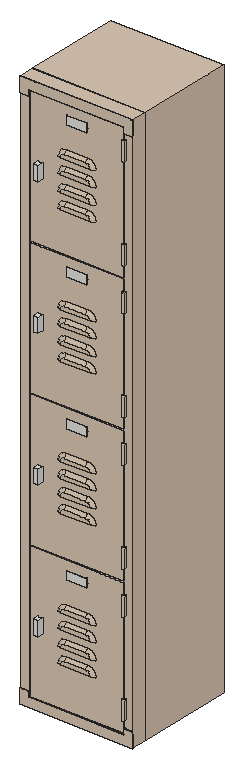
Revit family "Locker_SalsburyInd_Metal-4-Tier-Single", category Specialty Equipment, Revit 2026
Family settings
  Round Connector Dimension = Use Diameter
  Part Type = Normal
  Classification Number = 23.40.00.00
  Work Plane-Based = No
  Enable Cutting in Views = No
  Always vertical = Yes
  Cut with Voids When Loaded = No
  Maintain Annotation Orientation = No
  Shared = No
  Room Calculation Point = No
Parameters
  Warranty Duration (Years) = 0
  Vertical Front Filler Width_Right [instance] = 15.000"
  Vertical Front Filler Width_Left [instance] = 15.000"
  Vertical Filler_Right [instance] = ML_Front Filler : None
  Vertical Filler_Left [instance] = ML_Front Filler : None
  Unit Width = 12.000"
  Unit Height = 60.000"
  Unit Depth = 12.000"
  URL = "www.lockers.com"
  Type Comments = "Specify Assembled or Disassembled"
  Specification = ""
  SpecWizard = ""
  Sales Information = "http://www.lockers.com/service/contact/"
  Revision = "R1_2017-09"
  Product Properties = "http://www.lockers.com/shop-by-department/metal-lockers/standard-12-w/"
  Product Data = "http://www.arcat.com/arcatcos/cos35/arc35330.html"
  Overall Height [instance] = Unit Height + Base Height + Sloping Hood Height  # 60.000"
  Manufacturer Website = "http://www.lockers.com/"
  Manufacturer Phone - Toll Free = "800-562-5377"
  Manufacturer Phone = "323-846-6700"
  Manufacturer Fax = "323-846-6800"
  Manufacturer Address = "1010 E. 62nd St.  Los Angeles, CA 90001-1598"
  Maintenance Schedule (Months) = 0
  Lock Type [instance] = "[Built-in Combination][Padlock][Built-in Resettable Combination]"
  Keynote = "10 50 00"
  Installation Phase = ""
  Hasp Plate Material [instance] = Finish - Salsbury - Polished Steel
  Green Building-LEED = ""
  Expected Lifespan (Years) = 0
  End Panel_Right [instance] = ML_End Panel : None
  End Panel_Left [instance] = ML_End Panel : None
  Drawn By = "Sumex Design, Inc. / Robert S. Weygant, CSI, CDT, SCIP"
  Door Width = Unit Width - (1.063" * 2)  # 9.874"
  Door Height = (Unit Height - (1.094" * 2) - 0.375") / 4  # 14.35925"
  Top Filler_Right [instance] = ML_Top Filler : None
  Top Filler_Left [instance] = ML_Top Filler : None
  Sloping Hood Height [instance] = if(not(Sloped Hood), 0.000", if(Unit Depth = 12.000", 6.625", if(Unit Depth = 15.000", 8.682", if(Unit Depth = 18.000", 10.739", 0.000"))))  # 0.000"
  Sloped Hood [instance] = no
  Model = "as Specified"
  Manufacturer = "Salsbury Industries"
  Fixture Finish [instance] = Finish - Salsbury - Tan
  Door D Label [instance] = "Number / Name as Specified"
  Door C Label [instance] = "Number / Name as Specified"
  Door B Label [instance] = "Number / Name as Specified"
  Door A Label [instance] = "Number / Name as Specified"
  Description = "Salsbury Locker as Specified"
  Default Elevation = 0.000"
  Copyright = "©Arcat Inc."
  Construction Details = "http://www.arcat.com/details/salsbury/salsbury.html?coid=35330"
  Base_Right [instance] = ML_Base Side : None
  Base_Left [instance] = ML_Base Side : None
  Base Type = ML_Base Type : No Legs
  Base Height = 0.000"
  Base Front [instance] = ML_Front Base : None
  Assembly Code = "C1030310"
Reference planes (in)
  plane 1 "Center (Front/Back)": y = 0.005
  plane 2: z = 0
  plane 3 "Center (Left/Right)": x = 0
  plane 4 "Floor": z = 0
  plane 5 "Bottom of Unit": z = 0
  plane 6 "Top of Unit": z = 60
  plane 7 "Left Side of Unit": x = -6
  plane 8 "Right Side of Unit": x = 6
  plane 9 "Back of Unit": y = 6.005
  plane 10 "Front of Unit": y = -5.995
  plane 11 "Top of Sloping Hood": z = 60
  plane 12 "Right Side of Door Opening": x = 5
  plane 13 "Left Side of Door Opening": x = -5
  plane 14 "Top of Door Opening": z = 59
  plane 15 "Bottom of Door Opening": z = 1
  plane 16 "Back Edge of Front Facing": y = -4.407
  plane 17 "Front Plate Plane": y = -6.055
  plane 18 "Corner Filler Align-Left": x = -6.06
  plane 19 "Corner Filler Align-Right": x = 6.06
  plane 20 "Left Side of Door": x = -4.93029
  plane 21 "Right Side of Door": x = 4.93026
  plane 22 "Top of Door 1": z = 58.90976
  plane 23 "Bottom of Bottom Door": z = 1.09027
  plane 24: x = -5.075
  plane 25: x = 5.075
  plane 26: z = 58.40796
  plane 27: z = 1.59204
  plane 28: z = 15.57452
  plane 29: z = 44.42551
  plane 30: z = 44.55051
  plane 31: z = 15.44952
  plane 32: z = 30.06626
Forms (in)
  Sweep 1, solid, material "Finish - Salsbury - Tan" <- "Fixture Finish"
    path origin (0, -5.995, 0) x (1, 0, 0) y (0, 0, 1)
      loop
        line (-6, 60) -> (-6, 0) -> (6, 0) -> (6, 60) -> (-6, 60)
    profile origin (0, -5.995, 60) x (0, 0, 1) y (0, -1, 0)
      loop
        line (0, 0) -> (-1, 0) -> (-1, -1.588) -> (0, -1.588) -> (0, 0)
  Extrusion 2, solid, material "Finish - Salsbury - Tan" <- "Fixture Finish"
    sketch origin (0, -6.055, 0) x (0, 0, -1) y (1, 0, 0)
      loop
        line (-60, -6) -> (-58.47656, -6)
        arc (-58.47656, -6) -> (-58.42806, -5.97991) -> (-58.40796, -5.9314) r 0.0686
        line (-58.40796, -5.9314) -> (-58.40796, -5.14351)
        arc (-58.40796, -5.14351) -> (-58.42809, -5.09506) -> (-58.47656, -5.075) r 0.0686
        line (-58.47656, -5.075) -> (-59, -5.075) -> (-59, 5.075) -> (-58.47656, 5.075)
        arc (-58.47656, 5.075) -> (-58.42809, 5.09506) -> (-58.40796, 5.14351) r 0.0686
        line (-58.40796, 5.14351) -> (-58.40796, 5.9314)
        arc (-58.40796, 5.9314) -> (-58.42806, 5.97991) -> (-58.47656, 6) r 0.0686
        line (-58.47656, 6) -> (-60, 6) -> (-60, -6)
    from -0.06 to 0
  Extrusion 3, solid, material "Finish - Salsbury - Tan" <- "Fixture Finish"
    sketch origin (0, -6.055, 84) x (0, 0, 1) y (-1, 0, 0)
      loop
        line (-84, 6) -> (-84, -6) -> (-82.47656, -6)
        arc (-82.47656, -6) -> (-82.42806, -5.97991) -> (-82.40796, -5.9314) r 0.0686
        line (-82.40796, -5.9314) -> (-82.40796, -5.14351)
        arc (-82.40796, -5.14351) -> (-82.42809, -5.09506) -> (-82.47656, -5.075) r 0.0686
        line (-82.47656, -5.075) -> (-83, -5.075) -> (-83, 5.075) -> (-82.47656, 5.075)
        arc (-82.47656, 5.075) -> (-82.42809, 5.09506) -> (-82.40796, 5.14351) r 0.0686
        line (-82.40796, 5.14351) -> (-82.40796, 5.9314)
        arc (-82.40796, 5.9314) -> (-82.42806, 5.97991) -> (-82.47656, 6) r 0.0686
        line (-82.47656, 6) -> (-84, 6)
    from -0.06 to 0
  Extrusion 4, solid, material "Finish - Salsbury - Tan" <- "Fixture Finish"
    sketch origin (6, 0, 0) x (0, 0, -1) y (0, -1, 0)
      loop
        line (-59.94, 4.407) -> (-59.94, 6.055) -> (-60, 6.055) -> (-60, -6.005) -> (0, -6.005) -> (0, 4.407) -> (-59.94, 4.407)
    from 0 to 12
  Extrusion 5, void
    sketch origin (6, 0, 0) x (0, 0, -1) y (0, -1, 0)
      loop
        line (-60, 6.055) -> (-60, 4.407) -> (-59.94, 4.407) -> (-59.94, 6.055) -> (-60, 6.055)
    from 0 to 12
Cuts and joins
  Extrusion 5 cuts Extrusion 4
Dimensions and locks (in)
  equal spacing: plane 7 "Left Side of Unit", plane 3 "Center (Left/Right)", plane 8 "Right Side of Unit"
  "Unit Width": plane 7 "Left Side of Unit" to plane 8 "Right Side of Unit"
  "Base Height": plane 5 "Bottom of Unit" to plane 4 "Floor"
  "Unit Height": plane 6 "Top of Unit" to plane 5 "Bottom of Unit"
  equal spacing: plane 10 "Front of Unit", plane 1 "Center (Front/Back)", plane 9 "Back of Unit"
  "Unit Depth": plane 10 "Front of Unit" to plane 9 "Back of Unit"
  "Sloping Hood Height": plane 11 "Top of Sloping Hood" to plane 6 "Top of Unit"
  plane 6 "Top of Unit" to plane 14 "Top of Door Opening" to plane 22 "Top of Door 1" to plane 26 = 1.000" locked, 0.09024" locked, 0.5018" locked
  plane 27 to plane 23 "Bottom of Bottom Door" to plane 15 "Bottom of Door Opening" to plane 5 "Bottom of Unit" = 0.50177" locked, 0.09027" locked, 1.000" locked
  plane 7 "Left Side of Unit" to plane 13 "Left Side of Door Opening" to plane 20 "Left Side of Door" = 1.000" locked, 0.06971"
  plane 21 "Right Side of Door" to plane 12 "Right Side of Door Opening" to plane 8 "Right Side of Unit" = 0.06974", 1.000" locked
  plane 17 "Front Plate Plane" to plane 10 "Front of Unit" to plane 16 "Back Edge of Front Facing" = 0.060" locked, 1.588" locked
  locked: plane 8 "Right Side of Unit" to plane 19 "Corner Filler Align-Right" at 0.06
  locked: plane 18 "Corner Filler Align-Left" to plane 7 "Left Side of Unit" at 0.06
  plane 20 "Left Side of Door" to plane 21 "Right Side of Door" = 9.86055"
  locked: plane 7 "Left Side of Unit" to plane 24 at 0.925
  locked: plane 25 to plane 8 "Right Side of Unit" at 0.925
  locked: Extrusion 4 sketch curve to plane 6 "Top of Unit" at 0.06
  locked: Extrusion 5 sketch curve to plane 6 "Top of Unit" at 0.06
  "Door Height": plane 22 "Top of Door 1" to plane 30
  "Door Height": plane 31 to plane 23 "Bottom of Bottom Door"
  locked: plane 28 to plane 31 at 0.125
  locked: plane 30 to plane 29 at 0.125
  "Door Height": plane 29 to plane 32
  aligned and locked: level to plane 2
  aligned and locked: Extrusion 2 to plane 10 "Front of Unit"
  aligned and locked: Extrusion 3 to plane 10 "Front of Unit"
  aligned and locked: plane 4 "Floor" to nested 1
  aligned and locked: plane 5 "Bottom of Unit" to Extrusion 3
  aligned and locked: plane 10 "Front of Unit" to nested 2
  aligned and locked: nested 5 to plane 10 "Front of Unit"
  aligned and locked: plane 10 "Front of Unit" to nested 6
  aligned and locked: plane 10 "Front of Unit" to nested 4
  aligned and locked: plane 10 "Front of Unit" to nested 8
  aligned and locked: plane 10 "Front of Unit" to nested 1
  aligned and locked: plane 6 "Top of Unit" to Sweep 1 sketch curve  (x2)
  aligned and locked: Sweep 1 sketch curve to plane 7 "Left Side of Unit"
  aligned and locked: plane 8 "Right Side of Unit" to Sweep 1 sketch curve
  aligned and locked: Sweep 1 sketch curve to plane 5 "Bottom of Unit"
  aligned and locked: plane 10 "Front of Unit" to Sweep 1
  aligned and locked: Extrusion 2 to plane 17 "Front Plate Plane"
  aligned and locked: plane 10 "Front of Unit" to Extrusion 2
  aligned and locked: Extrusion 2 to plane 8 "Right Side of Unit"
  aligned and locked: plane 7 "Left Side of Unit" to Extrusion 2
  aligned and locked: plane 7 "Left Side of Unit" to Extrusion 3
  aligned and locked: plane 17 "Front Plate Plane" to Extrusion 3
  aligned and locked: Extrusion 3 to plane 8 "Right Side of Unit"
  aligned and locked: plane 24 to Extrusion 3
  aligned and locked: plane 25 to Extrusion 3
  aligned and locked: plane 25 to Extrusion 2
  aligned and locked: Extrusion 2 to plane 24
  aligned and locked: plane 16 "Back Edge of Front Facing" to Sweep 1 sketch curve
  aligned and locked: Sweep 1 sketch curve to plane 14 "Top of Door Opening"
  aligned and locked: Sweep 1 sketch curve to plane 10 "Front of Unit"
  aligned and locked: plane 26 to Extrusion 2  (x2)
  aligned and locked: Extrusion 2 to plane 6 "Top of Unit"
  aligned and locked: plane 14 "Top of Door Opening" to Extrusion 2
  aligned and locked: Extrusion 3 to plane 15 "Bottom of Door Opening"
  aligned and locked: plane 27 to Extrusion 3
  aligned and locked: Extrusion 3 to plane 27
  aligned and locked: plane 8 "Right Side of Unit" to nested 6
  aligned and locked: nested 7 to plane 7 "Left Side of Unit"
  aligned and locked: plane 10 "Front of Unit" to nested 7
  aligned and locked: plane 11 "Top of Sloping Hood" to Extrusion 4 sketch curve
  aligned and locked: Extrusion 4 to plane 8 "Right Side of Unit"
  aligned and locked: plane 7 "Left Side of Unit" to Extrusion 4
  aligned and locked: plane 17 "Front Plate Plane" to Extrusion 4 sketch curve
  aligned and locked: Extrusion 5 sketch curve to plane 16 "Back Edge of Front Facing"
  aligned and locked: Extrusion 5 sketch curve to plane 6 "Top of Unit"
  aligned and locked: plane 17 "Front Plate Plane" to Extrusion 5 sketch curve
  aligned and locked: plane 7 "Left Side of Unit" to Extrusion 5
  aligned and locked: Extrusion 5 to plane 8 "Right Side of Unit"
  aligned and locked: plane 5 "Bottom of Unit" to nested 4
  aligned and locked: nested 5 to plane 5 "Bottom of Unit"
  aligned and locked: plane 1 "Center (Front/Back)" to nested 3
  aligned and locked: plane 8 "Right Side of Unit" to nested 3
  aligned and locked: plane 7 "Left Side of Unit" to nested 9
  aligned and locked: nested 9 to plane 1 "Center (Front/Back)"
  aligned and locked: plane 3 "Center (Left/Right)" to nested 2
  aligned and locked: plane 3 "Center (Left/Right)" to nested 1
  aligned and locked: plane 8 "Right Side of Unit" to nested 4
  aligned and locked: plane 7 "Left Side of Unit" to nested 5
  aligned and locked: plane 1 "Center (Front/Back)" to nested 10
  aligned and locked: nested 10 to plane 19 "Corner Filler Align-Right"
  aligned and locked: nested 11 to plane 1 "Center (Front/Back)"
  aligned and locked: plane 18 "Corner Filler Align-Left" to nested 11
  aligned and locked: plane 3 "Center (Left/Right)" to nested 8
  aligned and locked: plane 5 "Bottom of Unit" to Extrusion 4 sketch curve
  aligned and locked: plane 6 "Top of Unit" to Extrusion 4 sketch curve
  aligned and locked: plane 10 "Front of Unit" to nested 12
  aligned and locked: plane 3 "Center (Left/Right)" to nested 12
  aligned and locked: plane 23 "Bottom of Bottom Door" to nested 8
  aligned and locked: plane 3 "Center (Left/Right)" to nested 14
  aligned and locked: plane 3 "Center (Left/Right)" to nested 13
  aligned and locked: plane 10 "Front of Unit" to nested 14
  aligned and locked: plane 10 "Front of Unit" to nested 13
Automatic sketch dimensions
  Extrusion 2 sketch curve to plane 6 "Top of Unit" = 0.000"
  plane 14 "Top of Door Opening" to Extrusion 2 sketch curve = 0.000"
  plane 7 "Left Side of Unit" to Extrusion 2 sketch curve = 0.000"
  Extrusion 2 sketch curve to plane 8 "Right Side of Unit" = 0.000"
  Extrusion 2 sketch curve to plane 7 "Left Side of Unit" = 0.0686"
  Extrusion 2 sketch curve to Extrusion 2 sketch curve = 0.0686"
  plane 13 "Left Side of Door Opening" to Extrusion 2 sketch curve = 0.1436"
  Extrusion 2 sketch curve to Extrusion 2 sketch curve = 0.00009"
  Extrusion 2 sketch curve to plane 12 "Right Side of Door Opening" = 0.075"
  Extrusion 2 sketch curve to Extrusion 2 sketch curve = 0.06851"
  Extrusion 3 sketch curve to plane 5 "Bottom of Unit" = 0.000"
  plane 15 "Bottom of Door Opening" to Extrusion 3 sketch curve = 0.000"
  Extrusion 3 sketch curve to plane 7 "Left Side of Unit" = 0.000"
  plane 8 "Right Side of Unit" to Extrusion 3 sketch curve = 0.000"
  Extrusion 3 sketch curve to Extrusion 3 sketch curve = 0.0686"  (x2)
  Extrusion 3 sketch curve to plane 13 "Left Side of Door Opening" = 0.1436"
  Extrusion 3 sketch curve to Extrusion 3 sketch curve = 0.00009"
  plane 12 "Right Side of Door Opening" to Extrusion 3 sketch curve = 0.075"
  Extrusion 3 sketch curve to Extrusion 3 sketch curve = 0.06851"
  plane 24 to Extrusion 2 sketch curve = 0.000"
  Extrusion 2 sketch curve to plane 26 = 0.000"  (x2)
  Extrusion 2 sketch curve to plane 26 = 0.0686"
  plane 24 to Extrusion 3 sketch curve = 0.000"
  Extrusion 3 sketch curve to plane 27 = 0.000"  (x2)
  Extrusion 3 sketch curve to plane 27 = 0.0686"
  Extrusion 4 sketch curve to plane 9 "Back of Unit" = 0.000"
  Extrusion 4 sketch curve to plane 16 "Back Edge of Front Facing" = 0.000"
Nested families (in)
  nested 1: "ML_Front Base" at (0, 0.01, 0), type <- "Base Front", Finish <- "Fixture Finish", Locker Width <- "Unit Width", type "None"
    with Width 10.000", Locker Width 12.000", Finish Finish - Salsbury - Tan
  nested 2: "ML_Base Type" at (0, 0.005, 0), type <- "Base Type", Finish <- "Fixture Finish", Depth <- "Unit Depth", Width <- "Unit Width", type "No Legs"
    with Width 12.000", Finish Finish - Salsbury - Tan, Depth 12.000"
  nested 3: "ML_Base Side" at (0.01, 0.005, 0), type <- "Base_Right", Locker Depth <- "Unit Depth", Finish <- "Fixture Finish", type "None"
    with Locker Depth 12.000", Finish Finish - Salsbury - Tan
  nested 4: "ML_End Panel" at (10.1325, 2.172, 0), type <- "End Panel_Right", Height <- "Unit Height", Depth <- "Unit Depth", Finish <- "Fixture Finish", type "None"
    with controldepth 12.000", Height 60.000", Finish Finish - Salsbury - Tan, Depth 12.000", Base Height 0.000"
  nested 5: "ML_End Panel" at (-10.1325, 2.172, 0) x (-1, 0, 0) z (0, 0, 1), type <- "End Panel_Left", Height <- "Unit Height", Depth <- "Unit Depth", Finish <- "Fixture Finish", type "None"
    with controldepth 12.000", Height 60.000", Finish Finish - Salsbury - Tan, Depth 12.000", Base Height 0.000"
  nested 6: "ML_Front Filler" at (18.095, -3.078, 0), type <- "Vertical Filler_Right", Base Height <- "Base Height", Height <- "Unit Height", Width <- "Vertical Front Filler Width_Right", Finish <- "Fixture Finish", type "None"
    with Width 15.000", Height 60.000", Finish Finish - Salsbury - Tan, Base Height 0.000"
  nested 7: "ML_Front Filler" at (-8.905, -3.078, 0), type <- "Vertical Filler_Left", Base Height <- "Base Height", Height <- "Unit Height", Width <- "Vertical Front Filler Width_Left", Finish <- "Fixture Finish", type "None"
    with Width 15.000", Height 60.000", Finish Finish - Salsbury - Tan, Base Height 0.000"
  nested 8: "Metal Locker Doors_FourTier" at (0, -5.545, 1.09027), Hasp Plate Rivet Material <- "Hasp Plate Material", Primary Structure Material <- "Fixture Finish", Width <- "Door Width", Height <- "Unit Height", type "as Specified"
    with Width 9.874", Primary Structure Material Finish - Salsbury - Tan, Louver Width 4.01131", Height 60.000", Hasp Plate Rivet Material Finish - Salsbury - Polished Steel, Hasp Handle Material Finish - Salsbury - Black, Door Height 14.35925"
  nested 9: "ML_Base Side" at (-0.01, 0.005, 0) x (-1, 0, 0) z (0, 0, 1), type <- "Base_Left", Locker Depth <- "Unit Depth", Finish <- "Fixture Finish", type "None"
    with Locker Depth 12.000", Finish Finish - Salsbury - Tan
  nested 10: "ML_Top Filler" at (10.655, 2.172, 60), Finish <- "Fixture Finish", type <- "Top Filler_Right", Width <- "Vertical Front Filler Width_Right", Depth <- "Unit Depth", type "None"
    with Width 15.000", Sloped Height 6.625", Finish Finish - Salsbury - Tan, Depth 12.000", Corner Width 12.625"
  nested 11: "ML_Top Filler" at (-10.655, 2.172, 60) x (-1, 0, 0) z (0, 0, 1), Finish <- "Fixture Finish", type <- "Top Filler_Left", Width <- "Vertical Front Filler Width_Left", Depth <- "Unit Depth", type "None"
    with Width 15.000", Sloped Height 6.625", Finish Finish - Salsbury - Tan, Depth 12.000", Corner Width 12.625"
  nested 12: "Metal Locker Doors_FourTier" at (0, -5.545, 44.55051), Hasp Plate Rivet Material <- "Hasp Plate Material", Primary Structure Material <- "Fixture Finish", Width <- "Door Width", Height <- "Unit Height", type "as Specified"
    with Width 9.874", Primary Structure Material Finish - Salsbury - Tan, Louver Width 4.01131", Height 60.000", Hasp Plate Rivet Material Finish - Salsbury - Polished Steel, Hasp Handle Material Finish - Salsbury - Black, Door Height 14.35925"
  nested 13: "Metal Locker Doors_FourTier" at (0, -5.545, 15.57452), Hasp Plate Rivet Material <- "Hasp Plate Material", Primary Structure Material <- "Fixture Finish", Width <- "Door Width", Height <- "Unit Height", type "as Specified"
    with Width 9.874", Primary Structure Material Finish - Salsbury - Tan, Louver Width 4.01131", Height 60.000", Hasp Plate Rivet Material Finish - Salsbury - Polished Steel, Hasp Handle Material Finish - Salsbury - Black, Door Height 14.35925"
  nested 14: "Metal Locker Doors_FourTier" at (0, -5.545, 30.06626), Hasp Plate Rivet Material <- "Hasp Plate Material", Primary Structure Material <- "Fixture Finish", Width <- "Door Width", Height <- "Unit Height", type "as Specified"
    with Width 9.874", Primary Structure Material Finish - Salsbury - Tan, Louver Width 4.01131", Height 60.000", Hasp Plate Rivet Material Finish - Salsbury - Polished Steel, Hasp Handle Material Finish - Salsbury - Black, Door Height 14.35925"
Definition of nested family "Metal Locker Doors_FourTier"
  Parameters (values of type "as Specified")
    Width [instance] = 9.938"
    Visible Top Louvers 3 and 4 = yes
    Visible Top Louver 2 = yes
    Visible Hinge 3 = yes
    Visible Bottom Louvers 1 and 2 = yes
    Visible Bottom Louver 3 = yes
    Top Louver Set Vertical Alignment = 4.250"
    Primary Structure Material [instance] = none
    Number Plate Alignment = 0.9375"
    Louver Width [instance] = Width * 13 / 32  # 4.03731"
    Hinge 3 Placement = 54.500"
    Hinge 2 Placement = 27.875"
    Hinge 1 Placement = 1.125"
    Height [instance] = 60.000"
    Hasp Plate Rivet Material [instance] = none
    Hasp Height = 5.960"
    Hasp Handle Material [instance] = none
    Door Height [instance] = (Height - (1.094" * 2) - 0.375") / 4  # 14.35925"
    Depth = 0.900"
    Default Elevation = 48.000"
    Bottom Louver Set Vertical Alignment = 4.250"
  Reference planes (in)
    plane 1 "Center (Front/Back)": y = 0
    plane 2 "Bottom of Door": z = 0
    plane 3 "Center (Left/Right)": x = 0
    plane 4 "Center (Top/Bottom)": z = 7.17962
    plane 5 "Top of Door": z = 14.35925
    plane 6 "Right Side of Door": x = 4.969
    plane 7 "Left Side of Door": x = -4.969
    plane 8 "Front of Door": y = -0.45
    plane 9 "Back of Door": y = 0.45
    plane 10 "Top of Number Plate": z = 13.42175
    plane 11 "Top of Top Vent 1": z = 10.10925
    plane 12 "Top of Top Vent 2": z = 8.48425
    plane 13 "Top of Top Vent 3": z = 6.85925
    plane 14 "Top of Top Vent 4": z = 5.23425
    plane 15 "Bottom of Bottom Vent 1": z = 9.125
    plane 16 "Bottom of Bottom Vent 2": z = 7.5
    plane 17 "Bottom of Bottom Vent 3": z = 5.875
    plane 18 "Bottom of Bottom Vent 4": z = 4.25
    plane 19 "Top of Hasp Alignment": z = 10.15962
    plane 20 "Left Side of Hasp Alignment": x = -3.844
    plane 21 "Bottom of Hasp Alignment": z = 4.19962
    plane 22 "Right Side of Hasp Alignment": x = 0.256
    plane 23 "Left Side of Louvers": x = -2.01866
    plane 24 "Right Side of Louvers": x = 2.01866
    plane 25 "Front of Louvers": y = -0.6375
    plane 26: x = -1.094
    plane 27: x = 1.094
    plane 28: z = 12.42175
    plane 29 "Center Hasp": x = -1.794
    plane 30 "Top of Hinge 3": z = 3.312
    plane 31 "Top of Hinge 2": z = 8.21062
    plane 32 "Top of Hinge 1": z = 13.23425
  Forms (in)
    Extrusion 1, solid, material <- "Primary Structure Material"
      sketch origin (0, 0, 0) x (1, 0, 0) y (0, 0, 1)
        loop
          line (-4.969, 14.35925) -> (-4.969, 0) -> (4.969, 0) -> (4.969, 14.35925) -> (-4.969, 14.35925)
      from -0.45 to 0.45
    Blend 2, solid, material <- "Primary Structure Material"
      base sketch origin (0, -0.45, 0) x (1, 0, 0) y (0, 0, 1)
        loop
          line (-2.01866, 9.20769) -> (2.01866, 9.20769)
          arc (2.01866, 9.20769) -> (1.75459, 9.84519) -> (1.11709, 10.10925) r 0.90156
          line (1.11709, 10.10925) -> (-1.11709, 10.10925)
          arc (-1.11709, 10.10925) -> (-1.75459, 9.84519) -> (-2.01866, 9.20769) r 0.90156
      top sketch origin (0, -0.6375, 0) x (1, 0, 0) y (0, 0, 1)
        loop
          line (-1.58607, 9.20769) -> (1.58607, 9.20769)
          arc (1.58607, 9.20769) -> (1.45015, 9.53583) -> (1.12201, 9.67175) r 0.46406
          line (1.12201, 9.67175) -> (-1.12201, 9.67175)
          arc (-1.12201, 9.67175) -> (-1.45015, 9.53583) -> (-1.58607, 9.20769) r 0.46406
      from 0 to 0
    Blend 3, solid, material <- "Primary Structure Material"
      base sketch origin (0, -0.45, -1.625) x (1, 0, 0) y (0, 0, 1)
        loop
          line (-2.01866, 9.20769) -> (2.01866, 9.20769)
          arc (2.01866, 9.20769) -> (1.75459, 9.84519) -> (1.11709, 10.10925) r 0.90156
          line (1.11709, 10.10925) -> (-1.11709, 10.10925)
          arc (-1.11709, 10.10925) -> (-1.75459, 9.84519) -> (-2.01866, 9.20769) r 0.90156
      top sketch origin (0, -0.6375, -1.625) x (1, 0, 0) y (0, 0, 1)
        loop
          line (-1.58607, 9.20769) -> (1.58607, 9.20769)
          arc (1.58607, 9.20769) -> (1.45015, 9.53583) -> (1.12201, 9.67175) r 0.46406
          line (1.12201, 9.67175) -> (-1.12201, 9.67175)
          arc (-1.12201, 9.67175) -> (-1.45015, 9.53583) -> (-1.58607, 9.20769) r 0.46406
      from 0 to 0
    Blend 4, solid, material <- "Primary Structure Material"
      base sketch origin (0, -0.45, -61.068) x (1, 0, 0) y (0, 0, 1)
        loop
          line (-2.01866, 66.943) -> (2.01866, 66.943)
          arc (2.01866, 66.943) -> (1.75459, 67.5805) -> (1.11709, 67.84456) r 0.90156
          line (1.11709, 67.84456) -> (-1.11709, 67.84456)
          arc (-1.11709, 67.84456) -> (-1.75459, 67.5805) -> (-2.01866, 66.943) r 0.90156
      top sketch origin (0, -0.6375, -61.068) x (1, 0, 0) y (0, 0, 1)
        loop
          line (-1.58607, 66.943) -> (1.58607, 66.943)
          arc (1.58607, 66.943) -> (1.45015, 67.27114) -> (1.12201, 67.40706) r 0.46406
          line (1.12201, 67.40706) -> (-1.12201, 67.40706)
          arc (-1.12201, 67.40706) -> (-1.45015, 67.27114) -> (-1.58607, 66.943) r 0.46406
      from 0 to 0
    Blend 5, solid, material <- "Primary Structure Material"
      base sketch origin (0, -0.45, -62.693) x (1, 0, 0) y (0, 0, 1)
        loop
          line (-2.01866, 66.943) -> (2.01866, 66.943)
          arc (2.01866, 66.943) -> (1.75459, 67.5805) -> (1.11709, 67.84456) r 0.90156
          line (1.11709, 67.84456) -> (-1.11709, 67.84456)
          arc (-1.11709, 67.84456) -> (-1.75459, 67.5805) -> (-2.01866, 66.943) r 0.90156
      top sketch origin (0, -0.6375, -62.693) x (1, 0, 0) y (0, 0, 1)
        loop
          line (-1.58607, 66.943) -> (1.58607, 66.943)
          arc (1.58607, 66.943) -> (1.45015, 67.27114) -> (1.12201, 67.40706) r 0.46406
          line (1.12201, 67.40706) -> (-1.12201, 67.40706)
          arc (-1.12201, 67.40706) -> (-1.45015, 67.27114) -> (-1.58607, 66.943) r 0.46406
      from 0 to 0
    Extrusion 6, solid, material <- "Hasp Plate Rivet Material"
      sketch origin (0, -0.45, 0) x (1, 0, 0) y (0, 0, 1)
        loop
          arc (-1.06847, 13.3862) -> (-1.10147, 12.92346) -> (-1.06847, 12.46072) r 3.26107
          arc (-1.06847, 12.46072) -> (0, 12.42197) -> (1.06847, 12.46072) r 14.75
          arc (1.06847, 12.46072) -> (1.10147, 12.92346) -> (1.06847, 13.3862) r 3.26107
          arc (1.06847, 13.3862) -> (0, 13.42203) -> (-1.06847, 13.3862) r 15.94532
      from 0 to 0.03497
    Extrusion 7, solid, material <- "Primary Structure Material", detail levels medium+fine
      sketch origin (0, 0, 13.23425) x (0, -1, 0) y (1, 0, 0)
        loop
          line (0.45, 4.969) -> (0.575, 4.969)
          arc (0.575, 4.969) -> (0.7, 5.094) -> (0.575, 5.219) r 0.125
          line (0.575, 5.219) -> (0.45, 5.219) -> (0.45, 4.969)
      from 0 to -2
    Extrusion 8, solid, material <- "Primary Structure Material", visible <- "Visible Hinge 3", detail levels medium+fine
      sketch origin (0, 0, 3.312) x (0, -1, 0) y (1, 0, 0)
        loop
          line (0.45, 4.969) -> (0.575, 4.969)
          arc (0.575, 4.969) -> (0.7, 5.094) -> (0.575, 5.219) r 0.125
          line (0.575, 5.219) -> (0.45, 5.219) -> (0.45, 4.969)
      from 0 to -2
    Extrusion 9, solid, material <- "Hasp Plate Rivet Material"
      sketch origin (0, -0.45, 0) x (1, 0, 0) y (0, 0, 1)
        loop
          line (-4.17229, 7.92962) -> (-4.17229, 6.42962) -> (-3.67229, 6.42962) -> (-3.67229, 7.92962) -> (-4.17229, 7.92962)
      from 0 to 0.62204
  Dimensions and locks (in)
    equal spacing: plane 5 "Top of Door", plane 4 "Center (Top/Bottom)", plane 2 "Bottom of Door"
    "Door Height": plane 5 "Top of Door" to plane 2 "Bottom of Door"
    equal spacing: plane 8 "Front of Door", plane 1 "Center (Front/Back)", plane 9 "Back of Door"
    "Depth": plane 8 "Front of Door" to plane 9 "Back of Door"
    equal spacing: plane 7 "Left Side of Door", plane 3 "Center (Left/Right)", plane 6 "Right Side of Door"
    "Width": plane 7 "Left Side of Door" to plane 6 "Right Side of Door"
    "Number Plate Alignment": plane 5 "Top of Door" to plane 10 "Top of Number Plate" to plane 28
    equal spacing: plane 23 "Left Side of Louvers", plane 3 "Center (Left/Right)", plane 24 "Right Side of Louvers"
    "Louver Width": plane 23 "Left Side of Louvers" to plane 24 "Right Side of Louvers"
    plane 11 "Top of Top Vent 1" to plane 12 "Top of Top Vent 2" to plane 13 "Top of Top Vent 3" to plane 14 "Top of Top Vent 4" = 1.625", 1.625", 1.625"
    plane 15 "Bottom of Bottom Vent 1" to plane 16 "Bottom of Bottom Vent 2" to plane 17 "Bottom of Bottom Vent 3" to plane 18 "Bottom of Bottom Vent 4" = 1.625", 1.625", 1.625"
    equal spacing: plane 19 "Top of Hasp Alignment", plane 4 "Center (Top/Bottom)", plane 21 "Bottom of Hasp Alignment"
    "Hasp Height": plane 19 "Top of Hasp Alignment" to plane 21 "Bottom of Hasp Alignment"
    plane 7 "Left Side of Door" to plane 20 "Left Side of Hasp Alignment" to plane 22 "Right Side of Hasp Alignment" = 1.125" locked, 4.100"
    locked: plane 25 "Front of Louvers" to plane 8 "Front of Door" at 0.1875
    plane 26 to plane 3 "Center (Left/Right)" to plane 27 = 1.094" locked, 1.094" locked
    plane 20 "Left Side of Hasp Alignment" to plane 29 "Center Hasp" to plane 22 "Right Side of Hasp Alignment" = 2.050", 2.050"
    "Hinge 1 Placement": plane 5 "Top of Door" to plane 32 "Top of Hinge 1"
    locked: plane 30 "Top of Hinge 3" to level at 3.312
    locked: plane 31 "Top of Hinge 2" to plane 4 "Center (Top/Bottom)" at 1.031
    locked: Blend 2 sketch curve to plane 24 "Right Side of Louvers" at 0.90156
    locked: plane 23 "Left Side of Louvers" to Blend 2 sketch curve at 0.90156
    locked: plane 23 "Left Side of Louvers" to Blend 2 sketch curve at 0.89665
    locked: Blend 2 sketch curve to plane 24 "Right Side of Louvers" at 0.89665
    locked: Blend 3 sketch curve to plane 24 "Right Side of Louvers" at 0.90156
    locked: plane 23 "Left Side of Louvers" to Blend 3 sketch curve at 0.90156
    locked: plane 23 "Left Side of Louvers" to Blend 3 sketch curve at 0.89665
    locked: Blend 3 sketch curve to plane 24 "Right Side of Louvers" at 0.89665
    locked: plane 23 "Left Side of Louvers" to Blend 4 sketch curve at 0.90156
    locked: Blend 4 sketch curve to plane 24 "Right Side of Louvers" at 0.90156
    locked: plane 23 "Left Side of Louvers" to Blend 4 sketch curve at 0.89665
    locked: Blend 4 sketch curve to plane 24 "Right Side of Louvers" at 0.89665
    locked: plane 23 "Left Side of Louvers" to Blend 5 sketch curve at 0.89665
    locked: Blend 5 sketch curve to plane 24 "Right Side of Louvers" at 0.89665
    locked: plane 23 "Left Side of Louvers" to Blend 5 sketch curve at 0.90156
    locked: Blend 5 sketch curve to plane 24 "Right Side of Louvers" at 0.90156
    plane 7 "Left Side of Door" to Extrusion 9 sketch curve to Extrusion 9 sketch curve = 0.79671" locked, 0.500" locked
    Extrusion 9 sketch curve to plane 4 "Center (Top/Bottom)" to Extrusion 9 sketch curve = 0.750" locked, 0.750" locked
    locked: plane 11 "Top of Top Vent 1" to plane 4 "Center (Top/Bottom)" at 2.92962
    locked: plane 4 "Center (Top/Bottom)" to plane 18 "Bottom of Bottom Vent 4" at 2.92963
    aligned and locked: level to plane 2 "Bottom of Door"
    aligned and locked: plane 5 "Top of Door" to Extrusion 1 sketch curve
    aligned and locked: Extrusion 1 sketch curve to plane 7 "Left Side of Door"
    aligned and locked: plane 2 "Bottom of Door" to Extrusion 1 sketch curve
    aligned and locked: plane 6 "Right Side of Door" to Extrusion 1 sketch curve
    aligned and locked: plane 25 "Front of Louvers" to Blend 2
    aligned and locked: plane 11 "Top of Top Vent 1" to Blend 2
    aligned and locked: plane 12 "Top of Top Vent 2" to Blend 3
    aligned and locked: plane 17 "Bottom of Bottom Vent 3" to Blend 4
    aligned and locked: plane 18 "Bottom of Bottom Vent 4" to Blend 5
  Automatic sketch dimensions
    plane 23 "Left Side of Louvers" to Blend 2 sketch curve = 0.000"
    Blend 2 sketch curve to plane 11 "Top of Top Vent 1" = 0.000"
    plane 23 "Left Side of Louvers" to Blend 3 sketch curve = 0.000"
    Blend 3 sketch curve to plane 12 "Top of Top Vent 2" = 0.000"
    Blend 4 sketch curve to plane 17 "Bottom of Bottom Vent 3" = 0.000"  (x2)
    plane 23 "Left Side of Louvers" to Blend 4 sketch curve = 0.000"
    Blend 5 sketch curve to plane 18 "Bottom of Bottom Vent 4" = 0.000"  (x2)
    plane 23 "Left Side of Louvers" to Blend 5 sketch curve = 0.000"
    Extrusion 6 sketch curve to plane 3 "Center (Left/Right)" = 0.000"  (x2)
    plane 23 "Left Side of Louvers" to Extrusion 6 sketch curve = 0.14094"
    Extrusion 6 sketch curve to plane 24 "Right Side of Louvers" = 0.14094"
    plane 14 "Top of Top Vent 4" to Extrusion 6 sketch curve = 7.75754"
    plane 32 "Top of Hinge 1" to Extrusion 6 sketch curve = 0.31079"  (x2)
    Extrusion 6 sketch curve to plane 5 "Top of Door" = 12.81272"
    Extrusion 6 sketch curve to plane 26 = 0.02553"  (x2)
    plane 27 to Extrusion 6 sketch curve = 0.02553"
    Extrusion 6 sketch curve to plane 28 = 0.03897"
    plane 8 "Front of Door" to Extrusion 7 sketch curve = 0.000"
    Extrusion 7 sketch curve to plane 25 "Front of Louvers" = 0.0625"
    plane 6 "Right Side of Door" to Extrusion 7 sketch curve = 0.000"
    Extrusion 7 sketch curve to plane 6 "Right Side of Door" = 0.125"
    plane 8 "Front of Door" to Extrusion 8 sketch curve = 0.000"
    Extrusion 8 sketch curve to plane 25 "Front of Louvers" = 0.0625"
    plane 6 "Right Side of Door" to Extrusion 8 sketch curve = 0.000"
    Extrusion 8 sketch curve to plane 6 "Right Side of Door" = 0.125"
    Blend 2 sketch curve to plane 23 "Left Side of Louvers" = 0.43258"
    Blend 2 sketch curve to plane 12 "Top of Top Vent 2" = 0.72344"
    Blend 3 sketch curve to plane 23 "Left Side of Louvers" = 0.43258"
    Blend 3 sketch curve to plane 13 "Top of Top Vent 3" = 0.72344"
    Blend 4 sketch curve to plane 23 "Left Side of Louvers" = 0.43258"
    Blend 5 sketch curve to plane 23 "Left Side of Louvers" = 0.43258"
Definition of nested family "ML_Front Base"
  Parameters (values of type "Front Leg Cover")
    Width [instance] = Locker Width - 2.000"  # 10.000"
    Visible = yes
    Version = "1.0 (11/30/15)"
    Type Comments = "Front Base for Standard Metal Lockers"
    Model = ""
    MasterFormat Title = ""
    MasterFormat Number = ""
    Manufacturer = "Salsbury Industries"
    Locker Width [instance] = 12.000"
    Finish [instance] = none
    Description = "Front Base"
    Depth = 1.185"
    Height = 6.000"
    Default Elevation = 0.000"
    Assembly Code = ""
  Types (2): name | Visible
    None | no
    Front Leg Cover | yes
  Reference planes (in)
    plane 1 "Center (Front/Back)": y = -5.417
    plane 2: z = 0
    plane 3 "Center (Left/Right)": x = 0
    plane 4 "Floor": z = 0
    plane 5 "Top of Enclosure": z = 6
    plane 6 "Front of Enclosure": y = -6.005
    plane 7 "Right Side of Enclosure": x = 5
    plane 8 "Left Side of Enclosure": x = -5
    plane 9 "Back of Enclosure": y = -4.82
  Forms (in)
    Extrusion 1, solid, material <- "Finish", visible <- "Visible"
      sketch origin (0, -6.005, 0) x (1, 0, 0) y (0, 0, 1)
        loop
          line (-5, 6) -> (-5, 0) -> (5, 0) -> (5, 6) -> (-5, 6)
      from -1.185 to 0
  Dimensions and locks (in)
    "Height": plane 5 "Top of Enclosure" to plane 4 "Floor"
    plane 6 "Front of Enclosure" to plane 1 "Center (Front/Back)" = 0.588"
    "Depth": plane 6 "Front of Enclosure" to plane 9 "Back of Enclosure"
    equal spacing: plane 8 "Left Side of Enclosure", plane 3 "Center (Left/Right)", plane 7 "Right Side of Enclosure"
    "Width": plane 8 "Left Side of Enclosure" to plane 7 "Right Side of Enclosure"
    aligned and locked: level to plane 2
    aligned and locked: Extrusion 1 to plane 7 "Right Side of Enclosure"
  Automatic sketch dimensions
    Extrusion 1 sketch curve to Extrusion 1 sketch curve = 10.000"
    Extrusion 1 sketch curve to Extrusion 1 sketch curve = 6.000"
    Extrusion 1 sketch curve to level = 0.000"
    plane 8 "Left Side of Enclosure" to Extrusion 1 sketch curve = 0.000"
Definition of nested family "ML_Base Type"
  Parameters (values of type "No Legs")
    Zee = no
    Width [instance] = 12.000"
    Version = "1.0 (11/30/15)"
    Type Comments = "No Legs"
    Model = "n/a"
    MasterFormat Title = ""
    MasterFormat Number = ""
    Manufacturer = "Salsbury Industries"
    Legs = no
    Finish [instance] = none
    Description = ""
    Depth [instance] = 12.010"
    Default Elevation = 0.000"
    Assembly Code = ""
  Types (3): name | Zee | Width | Legs
    No Legs | no | 12.000" | no
    Legs | no | 12.040" | yes
    Zee | yes | 12.040" | no
  Reference planes (in)
    plane 1 "Center (Front/Back)": y = 0
    plane 2: z = 0
    plane 3 "Center (Left/Right)": x = 0
    plane 4 "Floor": z = 0
    plane 5 "Left Side of Unit": x = -6
    plane 6 "Right Side of Unit": x = 6
    plane 7 "Back of Unit": y = 6.005
    plane 8 "Front of Unit": y = -6.005
    plane 9 "Right Side of Door Opening": x = 5.12
    plane 10 "Left Side of Door Opening": x = -5.12
    plane 11 "Back Edge of Front Facing": y = -4.417
    plane 12 "Inside Edge of Front Leg": x = -4.56
    plane 13 "Inside Edge of Right Leg": x = 4.56
    plane 14: y = -4.82
    plane 15 "Back Edge of Rear Legs": y = 6.005
    plane 16 "Right Edge of Rear Right Leg": x = 6
    plane 17 "Left Edge or Rear Left Leg": x = -6
    plane 18: y = 5.005
    plane 19 "Inside Edge or Rear Right Leg": x = 5
    plane 20 "Inside Edge or Left Rear Leg": x = -5
  Forms (in)
    Extrusion 1, solid, material <- "Finish", visible <- "Legs"
      sketch origin (0, 0, 0) x (0, -1, 0) y (1, 0, 0)
        loop
          line (4.417, 6) -> (4.417, 5.94) -> (5.945, 5.94) -> (5.945, 5.06) -> (4.76, 5.06) -> (4.76, 4.56) -> (4.82, 4.56) -> (4.82, 5) -> (6.005, 5) -> (6.005, 6) -> (4.417, 6)
      from 0 to 6
    Extrusion 2, solid, material <- "Finish", visible <- "Legs"
      sketch origin (0, 0, 0) x (0, -1, 0) y (1, 0, 0)
        loop
          line (4.417, -6) -> (6.005, -6) -> (6.005, -5) -> (4.82, -5) -> (4.82, -4.56) -> (4.76, -4.56) -> (4.76, -5.06) -> (5.945, -5.06) -> (5.945, -5.94) -> (4.417, -5.94) -> (4.417, -6)
      from 0 to 6
    Extrusion 3, solid, material <- "Finish", visible <- "Legs"
      sketch origin (0, 0, 0) x (0, -1, 0) y (1, 0, 0)
        loop
          line (-6.005, 6) -> (-6.005, 5) -> (-5.945, 5) -> (-5.945, 5.94) -> (-5.005, 5.94) -> (-5.005, 6) -> (-6.005, 6)
      from 0.06 to 6.185
    Extrusion 4, solid, material <- "Finish", visible <- "Zee"
      sketch origin (0, 0, 0) x (0, -1, 0) y (1, 0, 0)
        loop
          line (-6.005, 6) -> (-6.005, 5) -> (-5.005, 5) -> (-5.005, 6) -> (-6.005, 6)
      from 0 to 0.06
    Extrusion 5, solid, material <- "Finish", visible <- "Legs"
      sketch origin (0, 0, 0) x (0, -1, 0) y (1, 0, 0)
        loop
          line (-6.005, -6) -> (-5.005, -6) -> (-5.005, -5.94) -> (-5.945, -5.94) -> (-5.945, -5) -> (-6.005, -5) -> (-6.005, -6)
      from 0.06 to 6.185
    Extrusion 6, solid, material <- "Finish", visible <- "Zee"
      sketch origin (0, 0, 0) x (0, -1, 0) y (1, 0, 0)
        loop
          line (-6.005, -6) -> (-5.005, -6) -> (-5.005, -5) -> (-6.005, -5) -> (-6.005, -6)
      from 0 to 0.06
    Extrusion 7, solid, material <- "Finish", visible <- "Zee"
      sketch origin (0, 0, 0) x (0, -1, 0) y (1, 0, 0)
        loop
          line (-6.005, 6) -> (-6.005, 5) -> (-5.945, 5) -> (-5.945, 5.94) -> (-5.005, 5.94) -> (-5.005, 6) -> (-6.005, 6)
      from 0.06 to 4.185
    Extrusion 8, solid, material <- "Finish", visible <- "Legs"
      sketch origin (0, 0, 0) x (0, -1, 0) y (1, 0, 0)
        loop
          line (-6.005, 6) -> (-6.005, 5) -> (-5.005, 5) -> (-5.005, 6) -> (-6.005, 6)
      from 0 to 0.06
    Extrusion 9, solid, material <- "Finish", visible <- "Zee"
      sketch origin (0, 0, 0) x (0, -1, 0) y (1, 0, 0)
        loop
          line (-6.005, -6) -> (-5.005, -6) -> (-5.005, -5.94) -> (-5.945, -5.94) -> (-5.945, -5) -> (-6.005, -5) -> (-6.005, -6)
      from 0.06 to 4.185
    Extrusion 10, solid, material <- "Finish", visible <- "Legs"
      sketch origin (0, 0, 0) x (0, -1, 0) y (1, 0, 0)
        loop
          line (-6.005, -6) -> (-5.005, -6) -> (-5.005, -5) -> (-6.005, -5) -> (-6.005, -6)
      from 0 to 0.06
    Extrusion 11, solid, material <- "Finish", visible <- "Zee"
      sketch origin (0, 0, 0) x (0, 1, 0) y (0, 0, 1)
        loop
          line (-6.005, 4) -> (-6.005, 3.94) -> (-4.417, 3.94) -> (-4.417, 0) -> (-2.769, 0) -> (-2.769, 0.06) -> (-4.357, 0.06) -> (-4.357, 4) -> (-6.005, 4)
      from -6 to 6
  Dimensions and locks (in)
    equal spacing: plane 5 "Left Side of Unit", plane 3 "Center (Left/Right)", plane 6 "Right Side of Unit"
    "Width": plane 5 "Left Side of Unit" to plane 6 "Right Side of Unit"
    equal spacing: plane 8 "Front of Unit", plane 1 "Center (Front/Back)", plane 7 "Back of Unit"
    "Depth": plane 8 "Front of Unit" to plane 7 "Back of Unit"
    plane 5 "Left Side of Unit" to plane 10 "Left Side of Door Opening" = 0.880"
    plane 9 "Right Side of Door Opening" to plane 6 "Right Side of Unit" = 0.880"
    locked: plane 8 "Front of Unit" to plane 11 "Back Edge of Front Facing" at 1.588
    plane 10 "Left Side of Door Opening" to plane 12 "Inside Edge of Front Leg" = 0.560"
    plane 13 "Inside Edge of Right Leg" to plane 9 "Right Side of Door Opening" = 0.560"
    plane 8 "Front of Unit" to plane 14 = 1.185"
    plane 13 "Inside Edge of Right Leg" to plane 19 "Inside Edge or Rear Right Leg" to plane 9 "Right Side of Door Opening" to plane 16 "Right Edge of Rear Right Leg" to plane 6 "Right Side of Unit" = 0.440", 0.120", 0.880", 0.000"
    plane 5 "Left Side of Unit" to plane 17 "Left Edge or Rear Left Leg" to plane 10 "Left Side of Door Opening" to plane 20 "Inside Edge or Left Rear Leg" to plane 12 "Inside Edge of Front Leg" = 0.000", 0.880", 0.120", 0.440"
    plane 18 to plane 15 "Back Edge of Rear Legs" to plane 7 "Back of Unit" = 1.000" locked, 0.000" locked
    aligned and locked: level to plane 2
    aligned and locked: Extrusion 3 to Extrusion 4
    aligned and locked: Extrusion 6 to Extrusion 5
    aligned and locked: Extrusion 3 to plane 16 "Right Edge of Rear Right Leg"
    aligned and locked: Extrusion 3 to plane 15 "Back Edge of Rear Legs"
    aligned and locked: Extrusion 5 to plane 17 "Left Edge or Rear Left Leg"
    aligned and locked: Extrusion 5 to plane 15 "Back Edge of Rear Legs"
    aligned and locked: Extrusion 7 to Extrusion 8
    aligned and locked: Extrusion 10 to Extrusion 9
    aligned and locked: Extrusion 11 to plane 6 "Right Side of Unit"
    aligned and locked: plane 5 "Left Side of Unit" to Extrusion 11
  Automatic sketch dimensions
    plane 15 "Back Edge of Rear Legs" to Extrusion 3 sketch curve = 0.000"
    Extrusion 3 sketch curve to plane 19 "Inside Edge or Rear Right Leg" = 0.000"
    Extrusion 3 sketch curve to plane 16 "Right Edge of Rear Right Leg" = 0.000"
    plane 18 to Extrusion 3 sketch curve = 0.000"
    plane 15 "Back Edge of Rear Legs" to Extrusion 3 sketch curve = 0.060"
    plane 16 "Right Edge of Rear Right Leg" to Extrusion 3 sketch curve = 0.060"
    plane 15 "Back Edge of Rear Legs" to Extrusion 4 sketch curve = 0.000"
    Extrusion 4 sketch curve to plane 16 "Right Edge of Rear Right Leg" = 0.000"
    plane 18 to Extrusion 4 sketch curve = 0.000"
    Extrusion 4 sketch curve to plane 19 "Inside Edge or Rear Right Leg" = 0.000"
    plane 15 "Back Edge of Rear Legs" to Extrusion 5 sketch curve = 0.000"
    Extrusion 5 sketch curve to plane 20 "Inside Edge or Left Rear Leg" = 0.000"
    Extrusion 5 sketch curve to plane 17 "Left Edge or Rear Left Leg" = 0.000"
    plane 18 to Extrusion 5 sketch curve = 0.000"
    Extrusion 5 sketch curve to plane 15 "Back Edge of Rear Legs" = 0.060"
    Extrusion 5 sketch curve to plane 17 "Left Edge or Rear Left Leg" = 0.060"
    plane 15 "Back Edge of Rear Legs" to Extrusion 6 sketch curve = 0.000"
    Extrusion 6 sketch curve to plane 17 "Left Edge or Rear Left Leg" = 0.000"
    plane 18 to Extrusion 6 sketch curve = 0.000"
    Extrusion 6 sketch curve to plane 20 "Inside Edge or Left Rear Leg" = 0.000"
    plane 15 "Back Edge of Rear Legs" to Extrusion 7 sketch curve = 0.000"
    Extrusion 7 sketch curve to plane 19 "Inside Edge or Rear Right Leg" = 0.000"
    Extrusion 7 sketch curve to plane 16 "Right Edge of Rear Right Leg" = 0.000"
    plane 18 to Extrusion 7 sketch curve = 0.000"
    plane 15 "Back Edge of Rear Legs" to Extrusion 7 sketch curve = 0.060"
    plane 16 "Right Edge of Rear Right Leg" to Extrusion 7 sketch curve = 0.060"
    plane 15 "Back Edge of Rear Legs" to Extrusion 8 sketch curve = 0.000"
    Extrusion 8 sketch curve to plane 16 "Right Edge of Rear Right Leg" = 0.000"
    plane 18 to Extrusion 8 sketch curve = 0.000"
    Extrusion 8 sketch curve to plane 19 "Inside Edge or Rear Right Leg" = 0.000"
    plane 15 "Back Edge of Rear Legs" to Extrusion 9 sketch curve = 0.000"
    Extrusion 9 sketch curve to plane 20 "Inside Edge or Left Rear Leg" = 0.000"
    Extrusion 9 sketch curve to plane 17 "Left Edge or Rear Left Leg" = 0.000"
    plane 18 to Extrusion 9 sketch curve = 0.000"
    Extrusion 9 sketch curve to plane 15 "Back Edge of Rear Legs" = 0.060"
    Extrusion 9 sketch curve to plane 17 "Left Edge or Rear Left Leg" = 0.060"
    plane 15 "Back Edge of Rear Legs" to Extrusion 10 sketch curve = 0.000"
    Extrusion 10 sketch curve to plane 17 "Left Edge or Rear Left Leg" = 0.000"
    plane 18 to Extrusion 10 sketch curve = 0.000"
    Extrusion 10 sketch curve to plane 20 "Inside Edge or Left Rear Leg" = 0.000"
    Extrusion 11 sketch curve to plane 8 "Front of Unit" = 0.000"
    Extrusion 11 sketch curve to level = 0.000"
    Extrusion 11 sketch curve to plane 11 "Back Edge of Front Facing" = 0.000"
    Extrusion 11 sketch curve to plane 11 "Back Edge of Front Facing" = 0.060"
    Extrusion 11 sketch curve to Extrusion 11 sketch curve = 1.588"
    level to Extrusion 11 sketch curve = 0.060"
    Extrusion 11 sketch curve to Extrusion 11 sketch curve = 0.060"
    Extrusion 11 sketch curve to Extrusion 11 sketch curve = 3.880"
    plane 11 "Back Edge of Front Facing" to Extrusion 2 sketch curve = 0.000"
    Extrusion 2 sketch curve to plane 12 "Inside Edge of Front Leg" = 0.000"
    plane 14 to Extrusion 2 sketch curve = 0.000"
    Extrusion 2 sketch curve to plane 5 "Left Side of Unit" = 0.000"
    plane 8 "Front of Unit" to Extrusion 2 sketch curve = 0.000"
    Extrusion 2 sketch curve to plane 20 "Inside Edge or Left Rear Leg" = 0.000"
    plane 14 to Extrusion 2 sketch curve = 0.060"
    plane 8 "Front of Unit" to Extrusion 2 sketch curve = 0.060"
    plane 10 "Left Side of Door Opening" to Extrusion 2 sketch curve = 0.060"
    plane 5 "Left Side of Unit" to Extrusion 2 sketch curve = 0.060"
    plane 11 "Back Edge of Front Facing" to Extrusion 1 sketch curve = 0.000"
    Extrusion 1 sketch curve to plane 13 "Inside Edge of Right Leg" = 0.000"
    plane 14 to Extrusion 1 sketch curve = 0.000"
    Extrusion 1 sketch curve to plane 6 "Right Side of Unit" = 0.000"
    plane 8 "Front of Unit" to Extrusion 1 sketch curve = 0.000"
    Extrusion 1 sketch curve to plane 19 "Inside Edge or Rear Right Leg" = 0.000"
    Extrusion 1 sketch curve to plane 14 = 0.060"
    Extrusion 1 sketch curve to plane 8 "Front of Unit" = 0.060"
    plane 9 "Right Side of Door Opening" to Extrusion 1 sketch curve = 0.060"
    plane 6 "Right Side of Unit" to Extrusion 1 sketch curve = 0.060"
Definition of nested family "ML_Base Side"
  Parameters (values of type "Zee Base Corner")
    Zee Corner = yes
    Zee = no
    Width including Rivet [instance] = 1.290"
    Leg = no
    Locker Depth [instance] = 12.010"
    Version = "1.0 (11/30/15)"
    Type Comments = "End Base for Standard Metal Lockers"
    Model = ""
    MasterFormat Title = ""
    MasterFormat Number = ""
    Manufacturer = "Salsbury Industries"
    Finish [instance] = none
    Description = ""
    Width = 4.000"
    Height = 4.000"
    Default Elevation = 0.000"
    Assembly Code = ""
  Types (4): name | Zee Corner | Zee | Leg | Locker Depth
    Leg Side Base Cover | no | no | yes | 10.362"
    Zee Base Cover | no | yes | no | 12.010"
    None | yes | no | no | 10.362"
    Zee Base Corner | yes | no | no | 12.010"
  Reference planes (in)
    plane 1 "Center (Front/Back)": y = 0
    plane 2: z = 0
    plane 3 "Center (Left/Right)": x = 3.99
    plane 4 "Floor": z = 0
    plane 5 "Locker Edge": x = 5.99
    plane 6 "Left Edge of Enclosure": y = -4.357
    plane 7 "Right Edge of Enclosure": y = 6.005
    plane 8 "Bottom Edge of Enclosure": z = 0.06
    plane 9 "Left Edge of Base": x = 1.99
    plane 10: y = -6.005
  Forms (in)
    Extrusion 1, solid, material <- "Finish", visible <- "Zee"
      sketch origin (0, 0, 0) x (0, -1, 0) y (1, 0, 0)
        loop
          line (-6.005, 1.99) -> (4.357, 1.99) -> (4.357, 5.99) -> (-6.005, 5.99) -> (-6.005, 1.99)
      from 0.06 to 4
    Extrusion 2, solid, material <- "Finish", visible <- "Leg"
      sketch origin (5.99, 0.794, 0) x (0, 0, -1) y (0, -1, 0)
        loop
          line (-6, 5.211) -> (-6, -4.211) -> (-0.06, -4.211) -> (-0.06, 5.211) -> (-6, 5.211)
      from 0 to 1.25
    Extrusion 3, solid, material <- "Finish", visible <- "Zee Corner"
      sketch origin (6.99, -5.357, 0) x (1, 0, 0) y (0, 1, 0)
        loop
          line (-1, 1) -> (-1, 0.94) -> (0.94, 0.94) -> (0.94, -1) -> (1, -1) -> (1, 1) -> (-1, 1)
      from 0 to 3.94
  Dimensions and locks (in)
    "Width": plane 9 "Left Edge of Base" to plane 5 "Locker Edge"
    equal spacing: plane 9 "Left Edge of Base", plane 3 "Center (Left/Right)", plane 5 "Locker Edge"
    locked: plane 4 "Floor" to plane 8 "Bottom Edge of Enclosure" at 0.06
    equal spacing: plane 10, plane 1 "Center (Front/Back)", plane 7 "Right Edge of Enclosure"
    "Locker Depth": plane 10 to plane 7 "Right Edge of Enclosure"
    locked: plane 6 "Left Edge of Enclosure" to plane 10 at 1.648
    locked: plane 10 to Extrusion 2 sketch curve at 1.588
    locked: Extrusion 2 sketch curve to plane 7 "Right Edge of Enclosure" at 1
    aligned and locked: level to plane 2
    aligned and locked: Extrusion 1 to plane 7 "Right Edge of Enclosure"
    aligned and locked: plane 8 "Bottom Edge of Enclosure" to Extrusion 1
    aligned and locked: Extrusion 1 sketch curve to plane 9 "Left Edge of Base"
  Automatic sketch dimensions
    Extrusion 1 sketch curve to plane 5 "Locker Edge" = 0.000"
    plane 7 "Right Edge of Enclosure" to Extrusion 1 sketch curve = 0.000"
    Extrusion 1 sketch curve to plane 6 "Left Edge of Enclosure" = 0.000"
    level to Extrusion 2 sketch curve = 0.060"
    Extrusion 2 sketch curve to plane 8 "Bottom Edge of Enclosure" = 5.940"
    Extrusion 3 sketch curve to plane 5 "Locker Edge" = 0.000"
    plane 6 "Left Edge of Enclosure" to Extrusion 3 sketch curve = 0.000"
    plane 6 "Left Edge of Enclosure" to Extrusion 3 sketch curve = 0.060"
    Extrusion 3 sketch curve to Extrusion 3 sketch curve = 1.940"
    Extrusion 3 sketch curve to Extrusion 3 sketch curve = 0.060"
    Extrusion 3 sketch curve to plane 10 = 0.352"
Definition of nested family "ML_End Panel"
  Parameters (values of type "Double")
    controldepth [instance] = if(Single End Panel, Depth, Depth * 2)  # 24.020"
    Width = 0.925"
    Visible = yes
    Version = "1.0 (11/30/15)"
    Type Comments = "Finished Double End Panel for Standard Metal Lockers"
    Single End Panel = no
    Model = ""
    MasterFormat Title = ""
    MasterFormat Number = ""
    Manufacturer = "Salsbury Industries"
    Height [instance] = 60.000"
    Finish [instance] = none
    Description = "Double End Panel"
    Depth [instance] = 12.010"
    Default Elevation = 0.000"
    Base Height [instance] = 0.750"
    Assembly Code = ""
  Types (3): name | controldepth | Visible | Type Comments | Single End Panel | Model | Height | Description
    Single | 12.010" | yes | "Finished End Panel for Standard Metal Lockers" | yes | "" | 60.000" | "End Panel"
    None | 12.010" | no | "Finished End Panel for Standard Metal Lockers" | yes | "n/a" | 72.000" | ""
    Double | 24.020" | yes | "Finished Double End Panel for Standard Metal Lockers" | no | "" | 60.000" | "Double End Panel"
  Reference planes (in)
    plane 1 "Center (Front/Back)": y = -2.167
    plane 2: z = 0
    plane 3 "Center (Left/Right)": x = -4.595
    plane 4 "Bottom of Panel": z = 0
    plane 5 "Top of Panel": z = 60
    plane 6 "Front of Panel": y = -14.177
    plane 7 "Right Side of Enclosure": x = -4.1325
    plane 8 "Left Side of Enclosure": x = -5.0575
    plane 9 "Back of Panel": y = 9.843
    plane 10: z = 30
    plane 11: z = 58.283
    plane 12: z = 1.717
    plane 13 "Outside Edge of Front Flap": y = -14.23714
    plane 14 "Outside Edge of Back Flap": y = 9.903
    plane 15: z = -0.75
  Forms (in)
    Extrusion 1, solid, material <- "Finish", visible <- "Visible"
      sketch origin (-4.1325, 0.48244, 0) x (0, 0, -1) y (0, -1, 0)
        loop
          line (-60, 14.71958) -> (-60, -9.42056) -> (0.75, -9.42056) -> (0.75, 14.71958) -> (-60, 14.71958)
      from 0 to -0.06
    Extrusion 2, solid, material <- "Finish", visible <- "Visible"
      sketch origin (0, 9.843, 0) x (0, 0, -1) y (1, 0, 0)
        loop
          line (-60, -5.0575) -> (0.75, -5.0575) -> (0.75, -4.1325) -> (-60, -4.1325) -> (-60, -5.0575)
      from 0 to -0.06
    Extrusion 3, solid, material <- "Finish", visible <- "Visible"
      sketch origin (0, -14.177, 0) x (1, 0, 0) y (0, 0, 1)
        loop
          line (-5.0575, 58.283) -> (-5.0575, 1.717) -> (-4.1325, 1.717) -> (-4.1325, 58.283) -> (-5.0575, 58.283)
      from 0.06014 to 0
  Dimensions and locks (in)
    equal spacing: plane 6 "Front of Panel", plane 1 "Center (Front/Back)", plane 9 "Back of Panel"
    "controldepth": plane 6 "Front of Panel" to plane 9 "Back of Panel"
    equal spacing: plane 8 "Left Side of Enclosure", plane 3 "Center (Left/Right)", plane 7 "Right Side of Enclosure"
    "Width": plane 8 "Left Side of Enclosure" to plane 7 "Right Side of Enclosure"
    locked: plane 5 "Top of Panel" to plane 11 at 1.717
    locked: plane 13 "Outside Edge of Front Flap" to plane 6 "Front of Panel" at 0.06014
    locked: plane 9 "Back of Panel" to plane 14 "Outside Edge of Back Flap" at 0.06
    "Base Height": level to plane 15
    locked: plane 12 to level at 1.717
    equal spacing: plane 5 "Top of Panel", plane 10, level
    "Height": plane 5 "Top of Panel" to level
    aligned and locked: level to plane 2
    aligned and locked: plane 5 "Top of Panel" to Extrusion 1 sketch curve
    aligned and locked: plane 5 "Top of Panel" to Extrusion 2 sketch curve
    aligned and locked: Extrusion 2 to plane 9 "Back of Panel"
    aligned and locked: plane 11 to Extrusion 3 sketch curve
    aligned and locked: plane 6 "Front of Panel" to Extrusion 3
    aligned and locked: plane 14 "Outside Edge of Back Flap" to Extrusion 2
    aligned and locked: Extrusion 1 to plane 14 "Outside Edge of Back Flap"
    aligned and locked: plane 13 "Outside Edge of Front Flap" to Extrusion 3
    aligned and locked: plane 7 "Right Side of Enclosure" to Extrusion 2
    aligned and locked: Extrusion 3 to plane 7 "Right Side of Enclosure"
    aligned and locked: Extrusion 1 to plane 15
    aligned and locked: Extrusion 2 to plane 15
  Automatic sketch dimensions
    Extrusion 1 sketch curve to level = 0.750"
    Extrusion 2 sketch curve to level = 0.750"
    plane 8 "Left Side of Enclosure" to Extrusion 2 sketch curve = 0.000"
    plane 7 "Right Side of Enclosure" to Extrusion 2 sketch curve = 0.000"
    plane 8 "Left Side of Enclosure" to Extrusion 3 sketch curve = 0.000"
    Extrusion 3 sketch curve to plane 12 = 0.000"
    plane 7 "Right Side of Enclosure" to Extrusion 3 sketch curve = 0.000"
    Extrusion 1 sketch curve to plane 14 "Outside Edge of Back Flap" = 0.000"
    plane 6 "Front of Panel" to Extrusion 1 sketch curve = 0.06014"
Definition of nested family "ML_Front Filler"
  Parameters (values of type "Width as Specified")
    Width [instance] = 9.000"
    Visible = yes
    Version = "1.0 (11/30/15)"
    Type Comments = "Vertical Front Filler for Standard Metal Lockers"
    Model = ""
    MasterFormat Title = ""
    MasterFormat Number = ""
    Manufacturer = "Salsbury Industries"
    Height [instance] = 60.000"
    Finish [instance] = none
    Description = "Vertical Front Filler"
    Depth = 1.000"
    Default Elevation = 48.000"
    Base Height [instance] = 3.000"
    Assembly Code = ""
  Types (2): name | Width | Visible | Model | Height | Description | Depth
    None | 15.000" | no | "n/a" | 78.000" | "" | 1.500"
    Width as Specified | 9.000" | yes | "" | 60.000" | "Vertical Front Filler" | 1.000"
  Reference planes (in)
    plane 1 "Center (Front/Back)": y = -2.167
    plane 2: z = 0
    plane 3 "Center (Left/Right)": x = -4.595
    plane 4 "Bottom of Filler": z = 0
    plane 5 "Top of Panel": z = 63
    plane 6 "Front of Filler": y = -2.667
    plane 7 "Right Side of Filler": x = -0.095
    plane 8 "Left Side of Filler": x = -9.095
    plane 9 "Back of Filler": y = -1.667
    plane 10: z = 33
    plane 11: z = 3
  Forms (in)
    Extrusion 1, solid, material <- "Finish", visible <- "Visible"
      sketch origin (0, 0, 0) x (0, -1, 0) y (1, 0, 0)
        loop
          line (1.667, -9.095) -> (2.667, -9.095) -> (2.667, -1.095) -> (2.619, -1.095) -> (2.619, -9.047) -> (1.667, -9.047) -> (1.667, -9.095)
      from 0 to 63
    Extrusion 2, solid, material <- "Finish", visible <- "Visible"
      sketch origin (0, -0.20425, 0) x (0, -1, 0) y (1, 0, 0)
        loop
          line (1.55875, -0.095) -> (1.55875, -0.143) -> (2.51075, -0.143) -> (2.51075, -0.82524) -> (2.36675, -0.82524) -> (2.36675, -1.80024) -> (2.41475, -1.80024) -> (2.41475, -1.095) -> (2.46275, -1.095) -> (2.46275, -1.595) -> (2.55875, -1.595) -> (2.55875, -0.095) -> (1.55875, -0.095)
      from 0 to 63
  Dimensions and locks (in)
    equal spacing: plane 6 "Front of Filler", plane 1 "Center (Front/Back)", plane 9 "Back of Filler"
    "Depth": plane 6 "Front of Filler" to plane 9 "Back of Filler"
    equal spacing: plane 8 "Left Side of Filler", plane 3 "Center (Left/Right)", plane 7 "Right Side of Filler"
    "Width": plane 8 "Left Side of Filler" to plane 7 "Right Side of Filler"
    "Height": plane 5 "Top of Panel" to plane 11
    equal spacing: plane 5 "Top of Panel", plane 10, plane 11
    "Base Height": plane 11 to level
    locked: Extrusion 1 sketch curve to plane 7 "Right Side of Filler" at 1
    Extrusion 2 sketch curve to Extrusion 2 sketch curve to Extrusion 2 sketch curve to Extrusion 2 sketch curve to plane 7 "Right Side of Filler" = 0.20524" locked, 0.500" locked, 0.26976" locked, 0.73024" locked
    aligned and locked: level to plane 2
    aligned and locked: Extrusion 1 to plane 5 "Top of Panel"
    aligned and locked: Extrusion 2 to plane 5 "Top of Panel"
  Automatic sketch dimensions
    plane 9 "Back of Filler" to Extrusion 1 sketch curve = 0.000"
    plane 6 "Front of Filler" to Extrusion 1 sketch curve = 0.000"
    Extrusion 1 sketch curve to plane 8 "Left Side of Filler" = 0.000"
    Extrusion 1 sketch curve to plane 6 "Front of Filler" = 0.048"
    Extrusion 1 sketch curve to Extrusion 1 sketch curve = 0.048"
    Extrusion 2 sketch curve to plane 7 "Right Side of Filler" = 0.000"
    plane 6 "Front of Filler" to Extrusion 2 sketch curve = 0.000"
